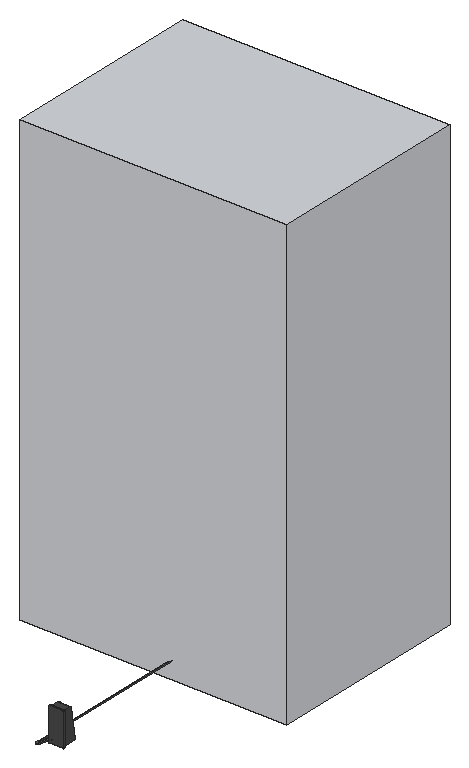
Revit family
Parameters
  Body Material = Plastic 2
  Trim Material = Metal - Stainless Steel
  Mounting Bracket = Metal - Stainless Steel
  Warranty Duration (Years) = 0
  URL = "http://www.americanspecialties.com/viewCategories.cfm"
  Test Data = ""
  Specification = "http://www.arcat.com/sdspecs/htm/10810asi.htm"
  SpecWizard = ""
  Send Message = "http://www.arcat.com/users.pl?action=UserEmail&company=American%20Specialties,%20Inc.&coid=30448&rep=139&fax=914-476-0688&mf="
  Sales Information = "http://www.americanspecialties.com/contact"
  Revision = "R1_10-2010"
  Product Properties = "http://www.americanspecialties.com/datasheets/0349.pdf"
  Product Data = "http://www.arcat.com/arcatcos/cos30/arc30448.html"
  Model = "As Specified in 10 28 13"
  Manufacturer Website = "http://www.americanspecialties.com/viewCategories.cfm"
  Manufacturer Phone - Toll Free = ""
  Manufacturer Phone = "914-476-9000 "
  Manufacturer Fax = "914-476-0688"
  Manufacturer Address = "441 Saw Mill River Rd., Yonkers, NY 10701"
  Manufacturer = "American Specialties, Inc."
  Maintenance Schedule (Months) = 0
  Keynote = "10 28 13"
  Installation-Fabrication = "http://www.americanspecialties.com/products.cfm"
  Vinyl Tubing = Plastic 3
  Green Building-LEED = ""
  Foot Pump = Plastic 4
  Expected Lifespan (Years) = 0
  Drawn By = "Robert S. Weygant. CSI, CDT, SCIP"  # constant formula
  Description = "Toilet Accessory as Specified in 10 28 13"
  Default Elevation = 4' - 0"
  Copyright = "©Arcat Inc."
  Construction Details = "http://www.arcat.com/green/clients/leed_data_30448.html"
  Building Codes = "http://www.americanspecialties.com/products.cfm"
  Bottom Foot Pump [instance] = 4' - 4 1/2"
  Assembly Code = "C1030210"
Reference planes (in)
  plane 1 "Center (Front/Back)": y = -0.29112
  plane 2 "Floor Line": z = 0
  plane 3 "Center (Left/Right)": x = -0.65843
  plane 4: z = 4.5
  plane 5: x = -2.84593
  plane 6: x = 1.52907
  plane 7: y = 4.20888
  plane 8: y = -4.79112
  plane 9: z = 9
  plane 10: y = 6.70888
  plane 11: y = -48.29112
  plane 12: y = -45.66612
  plane 13: y = -48.16612
Forms (in)
  Extrusion 1, solid
    sketch origin (-3.65843, -9.94561, -6) x (0, 0, -1) y (1, 0, 0)
      loop
        line (-82, 26) -> (-82, -19.34712) -> (-6, -19.34712) -> (-6, 26) -> (-82, 26)
    from 9 to -25.60721
  Revolve 2, solid, material "Plastic 2" <- "Body Material"
    sketch origin (0, 0, 2.8125) x (1, 0, 0) y (0, 1, 0)
      loop
        line (-0.65843, -4.79112) -> (-0.65843, 4.20888) -> (-0.96151, 4.20888) -> (-0.96151, 3.12418) -> (-1.46151, 3.12418) -> (-1.97553, 2.61015)
        arc (-1.97553, 2.61015) -> (-2.06464, 2.47679) -> (-2.09593, 2.31948) r 0.41107
        line (-2.09593, 2.31948) -> (-2.09593, 1.98975)
        arc (-2.09593, 1.98975) -> (-2.15843, 1.92725) -> (-2.09593, 1.86475) r 0.0625
        line (-2.09593, 1.86475) -> (-2.09593, -4.16612)
        arc (-2.09593, -4.16612) -> (-2.15843, -4.22862) -> (-2.09593, -4.29112) r 0.0625
        arc (-2.09593, -4.29112) -> (-1.94949, -4.64467) -> (-1.59593, -4.79112) r 0.5
        line (-1.59593, -4.79112) -> (-0.65843, -4.79112)
      axis (-0.65843, 4.20888) -> (-0.65843, -4.79112)
    angle from 0 to 360
  SweptBlend 3, solid, material "Metal - Stainless Steel" <- "Mounting Bracket"
    path origin (-0.65843, 0, 0) x (0, 1, 0) y (0, 0, 1)
      loop
        line (4.20888, 2.8125) -> (2.37066, 2.8125)
    profile origin (-0.65843, 4.20888, 2.8125) x (0, 0, -1) y (1, 0, 0)
      loop
        line (-0.46947, -0.88295) -> (2.8125, -1.70124) -> (2.8125, 1.70124) -> (-0.46947, 0.88295)
        arc (-0.46947, 0.88295) -> (-1, 0) -> (-0.46947, -0.88295) r 1
    end profile origin (-0.65843, 2.37066, 2.8125) x (0, 0, -1) y (1, 0, 0)
      loop
        line (-0.57687, -0.99917) -> (2.8125, -1.90735) -> (2.8125, 1.90735) -> (-0.57687, 0.99917)
        arc (-0.57687, 0.99917) -> (-1.15374, 0) -> (-0.57687, -0.99917) r 1.15374
  Extrusion 4, void
    sketch origin (-0.65843, 0, 0) x (0, 1, 0) y (0, 0, 1)
      loop
        line (2.87066, 0.5) -> (2.87066, 4.16076) -> (2.19765, 4.16076) -> (2.19765, 0.03089)
        arc (2.19765, 0.03089) -> (2.65657, 0.08981) -> (2.87066, 0.5) r 0.5
    from -2.1875 to 2.1875
  Revolve 5, solid, material "Metal - Stainless Steel" <- "Trim Material"
    sketch origin (-0.65843, 0, 0) x (0, 1, 0) y (0, 0, 1)
      loop
        line (4.20888, 2.8125) -> (5.47338, 2.8125) -> (5.47338, 2.9375) -> (5.28978, 2.9375) -> (5.19371, 3.07469)
        arc (5.19371, 3.07469) -> (5.15945, 3.10474) -> (5.11518, 3.11558) r 0.09587
        line (5.11518, 3.11558) -> (4.20888, 3.11558) -> (4.20888, 2.8125)
      axis (4.20888, 2.8125) -> (5.47338, 2.8125)
    angle from 0 to 360
  Sweep 6, solid, material "Metal - Stainless Steel" <- "Trim Material"
    path origin (-0.65843, -0.10846, 0) x (0, 1, 0) y (0, 0, 1)
      loop
        line (5.58184, 2.8125) -> (5.70888, 2.8125) -> (6.68195, 8.83333) -> (6.61539, 8.89989)
    profile origin (-0.65843, 6.08695, 5.82292) x (0, -0.987191, 0.159546) y (1, 0, 0)
      loop
        circle (0, 0) r 0.125
  Extrusion 7, solid, material "Plastic 4" <- "Foot Pump"
    sketch origin (21.31532, -48.16612, -8) x (1, 0, 0) y (0, 0, 1)
      loop
        line (-15.74543, 12.13965) -> (-13.49543, 12.13965)
        arc (-13.49543, 12.13965) -> (-13.40704, 12.17626) -> (-13.37043, 12.26465) r 0.125
        line (-13.37043, 12.26465) -> (-13.37043, 17.76465)
        arc (-13.37043, 17.76465) -> (-13.40704, 17.85304) -> (-13.49543, 17.88965) r 0.125
        line (-13.49543, 17.88965) -> (-15.74543, 17.88965)
        arc (-15.74543, 17.88965) -> (-15.83382, 17.85304) -> (-15.87043, 17.76465) r 0.125
        line (-15.87043, 17.76465) -> (-15.87043, 12.26465)
        arc (-15.87043, 12.26465) -> (-15.83382, 12.17626) -> (-15.74543, 12.13965) r 0.125
    from 0 to 0.125
  Extrusion 8, solid, material "Plastic 4" <- "Foot Pump"
    sketch origin (-0.65843, 0, -8) x (0, 1, 0) y (0, 0, 1)
      loop
        line (-48.16612, 17.76465) -> (-48.16612, 12.26465) -> (-45.7891, 12.26465)
        arc (-45.7891, 12.26465) -> (-45.69313, 12.30956) -> (-45.66612, 12.41201) r 0.125
        line (-45.66612, 12.41201) -> (-46.62066, 17.66201)
        arc (-46.62066, 17.66201) -> (-46.66355, 17.73562) -> (-46.74365, 17.76465) r 0.125
        line (-46.74365, 17.76465) -> (-48.16612, 17.76465)
    from 6.30669 to 8.43481
  Sweep 9, solid, material "Plastic 3" <- "Vinyl Tubing"
    path origin (0.19684, 0, 0.43405) x (0.848048, 0, 0.529919) y (0, 1, 0)
      loop
        line (-0.65843, 3.70888) -> (1.09157, 3.70888)
        arc (1.09157, 3.70888) -> (2.15223, 3.26954) -> (2.59157, 2.20888) r 1.5
        line (2.59157, 2.20888) -> (2.59157, -46.29112)
        arc (2.59157, -46.29112) -> (2.88446, -46.99822) -> (3.59157, -47.29112) r 1
        line (3.59157, -47.29112) -> (8.09157, -47.29112)
    profile origin (0.3805, 3.70888, 0.54881) x (0, 1, 0) y (-0.529919, 0, 0.848048)
      loop
        circle (0, 0.56026) r 0.125
Cuts and joins
  Extrusion 4 cuts SweptBlend 3
  joined: Revolve 5, Sweep 6
Dimensions and locks (in)
  "Bottom Foot Pump": plane 11 to plane 7
  locked: plane 13 to plane 11 at 0.125
  locked: plane 12 to plane 13 at 2.5
  aligned and locked: Revolve 2 sketch curve to plane 3 "Center (Left/Right)"
  aligned and locked: plane 11 to Extrusion 7
  aligned and locked: Extrusion 7 to Extrusion 8 sketch curve
  aligned and locked: plane 12 to Extrusion 8 sketch curve
  aligned and locked: Extrusion 7 to plane 13
  aligned and locked: plane 13 to Extrusion 8
Automatic sketch dimensions
  Extrusion 1 sketch curve to Extrusion 1 sketch curve = 6' - 4"
  Extrusion 1 sketch curve to Extrusion 1 sketch curve = 3' - 9.34712"
  Revolve 2 sketch curve to plane 8 = 0' - 0"
  Revolve 2 sketch curve to plane 7 = 0' - 0"
  Revolve 2 sketch curve to plane 3 "Center (Left/Right)" = 0' - 0"
  Revolve 2 sketch curve to plane 3 "Center (Left/Right)" = 0' - 0.30308"
  Revolve 2 sketch curve to Revolve 2 sketch curve = 0' - 0 1/2"
  Revolve 2 sketch curve to plane 3 "Center (Left/Right)" = 0' - 0 15/16"
  Revolve 2 sketch curve to Revolve 2 sketch curve = 0' - 0.22335"
  Revolve 2 sketch curve to Revolve 2 sketch curve = 0' - 0.29067"
  Revolve 2 sketch curve to Revolve 2 sketch curve = 0' - 0.41107"
  plane 11 to Revolve 2 sketch curve = 0' - 11.70888"
  Revolve 2 sketch curve to Revolve 2 sketch curve = 0' - 0 1/16"  (x2)
  Revolve 2 sketch curve to plane 1 "Center (Front/Back)" = 0' - 2.15587"
  Revolve 2 sketch curve to Revolve 2 sketch curve = 0' - 0.32973"
  Revolve 2 sketch curve to Revolve 2 sketch curve = 0' - 0 103/128"
  plane 10 to Revolve 2 sketch curve = 4' - 5.29112"
  SweptBlend 3 sketch curve to plane 7 = 0' - 0"
  plane 7 to SweptBlend 3 sketch curve = 0' - 1.83822"
  SweptBlend 3 sketch curve to plane 4 = 0' - 1 11/16"
  SweptBlend 3 sketch curve to plane 3 "Center (Left/Right)" = 0' - 0"  (x2)
  SweptBlend 3 sketch curve to profile plane = 0' - 0"  (x2)
  profile plane to SweptBlend 3 sketch curve = 0' - 0.46947"  (x2)
  SweptBlend 3 sketch curve to profile plane = 0' - 2 13/16"  (x2)
  SweptBlend 3 sketch curve to plane 3 "Center (Left/Right)" = 0' - 0.88295"
  SweptBlend 3 sketch curve to plane 3 "Center (Left/Right)" = 0' - 1.70124"
  plane 3 "Center (Left/Right)" to SweptBlend 3 sketch curve = 0' - 1.70124"
  profile plane to SweptBlend 3 sketch curve = 0' - 0.57687"  (x2)
  SweptBlend 3 sketch curve to plane 3 "Center (Left/Right)" = 0' - 0.99917"
  SweptBlend 3 sketch curve to plane 3 "Center (Left/Right)" = 0' - 1.90735"
  plane 3 "Center (Left/Right)" to SweptBlend 3 sketch curve = 0' - 1.90735"
  level to Extrusion 4 sketch curve = 0' - 0.03089"
  plane 7 to Extrusion 4 sketch curve = 0' - 2.01123"
  Extrusion 4 sketch curve to Extrusion 4 sketch curve = 0' - 0.17301"
  level to Extrusion 4 sketch curve = 0' - 0 1/2"
  Extrusion 4 sketch curve to plane 4 = 0' - 0.33924"
  Revolve 5 sketch curve to plane 7 = 0' - 0"  (x2)
  Revolve 5 sketch curve to Revolve 5 sketch curve = 0' - 0.9063"
  Revolve 5 sketch curve to Revolve 5 sketch curve = 0' - 0.00719"
  Revolve 5 sketch curve to Revolve 5 sketch curve = 0' - 0.07853"
  Revolve 5 sketch curve to Revolve 5 sketch curve = 0' - 0.09606"
  Revolve 5 sketch curve to Revolve 5 sketch curve = 0' - 0 47/256"
  Revolve 5 sketch curve to plane 4 = 0' - 1 11/16"
  Revolve 5 sketch curve to Revolve 5 sketch curve = 0' - 0"
  Revolve 5 sketch curve to Revolve 5 sketch curve = 0' - 0 1/8"
  Revolve 5 sketch curve to Revolve 5 sketch curve = 0' - 0.0822"
  Revolve 5 sketch curve to Revolve 5 sketch curve = 0' - 0.05499"
  Sweep 6 sketch curve to plane 10 = 0' - 1.2355"
  Sweep 6 sketch curve to Sweep 6 sketch curve = 0' - 0.12704"
  Sweep 6 sketch curve to plane 9 = 0' - 0.10011"
  Sweep 6 sketch curve to plane 10 = 0' - 0.20196"
  Sweep 6 sketch curve to Sweep 6 sketch curve = 0' - 0.06656"  (x2)
  Sweep 6 sketch curve to plane 4 = 0' - 1 11/16"
  Sweep 6 sketch curve to plane 3 "Center (Left/Right)" = 0' - 0"
  Sweep 6 sketch curve to profile plane = 0' - 0"
  Extrusion 7 sketch curve to plane 6 = 0' - 3.91583"
  Extrusion 7 sketch curve to Extrusion 7 sketch curve = 0' - 0 1/8"  (x3)
  Extrusion 7 sketch curve to Extrusion 7 sketch curve = 0' - 2 1/4"  (x2)
  Extrusion 7 sketch curve to plane 9 = 0' - 4.86035"
  Extrusion 7 sketch curve to Extrusion 7 sketch curve = 0' - 5 1/2"
  plane 12 to Extrusion 8 sketch curve = 0' - 1.07753"
  Extrusion 8 sketch curve to Extrusion 8 sketch curve = 0' - 0.12298"
  plane 12 to Extrusion 8 sketch curve = 0' - 0.12298"
  Extrusion 8 sketch curve to plane 9 = 0' - 4.73535"
  Extrusion 8 sketch curve to Extrusion 8 sketch curve = 0' - 0 1/8"
  Extrusion 8 sketch curve to Extrusion 8 sketch curve = 0' - 5.22764"
  Extrusion 8 sketch curve to Extrusion 8 sketch curve = 0' - 0.02236"
  Sweep 9 sketch curve to profile plane = 0' - 0"
  profile plane to Sweep 9 sketch curve = 0' - 0.56026"
  plane 7 to Sweep 9 sketch curve = 0' - 0 1/2"
  Sweep 9 sketch curve to Sweep 9 sketch curve = 0' - 1 3/4"
  Sweep 9 sketch curve to Sweep 9 sketch curve = 0' - 1 1/2"
  Sweep 9 sketch curve to Sweep 9 sketch curve = 0' - 1"
  Sweep 9 sketch curve to plane 13 = 0' - 0 7/8"
  Sweep 9 sketch curve to Sweep 9 sketch curve = 0' - 4 1/2"
  radius of Sweep 6 sketch curve = 0' - 0 1/8"
  radius of Sweep 9 sketch curve = 0' - 0 1/8"
